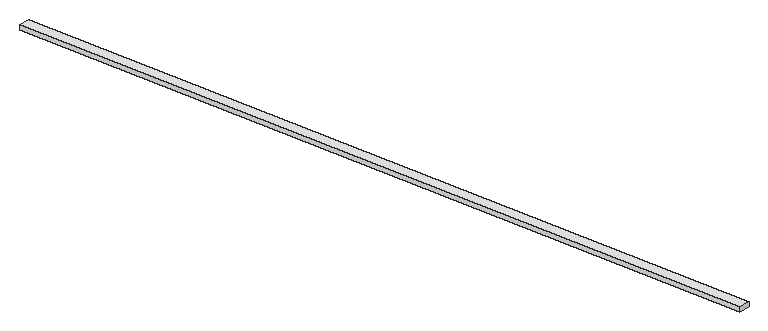
Revit family "Lighting-Linear-Acclaim-Flex One SO Exterior", category Lighting Fixtures, host Face, Revit 2015
Parameters (values of type "Flex One SO Exterior")
  Width = 0' - 0 131/256"
  Voltage = 0 V
  URL = "http://www.acclaimlighting.com/"
  Power Factor = 1
  Number of Poles = 1
  Model = "Flex One SO Exterior"
  Manufacturer = "Acclaim Lighting"
  Length = 3' - 0"
  Lamp = "LED"
  Housing Finish = Aluminum
  Height = 0' - 0 51/256"
  Description = "Linear Graze Lighting"
  Default Elevation = 4' - 0"
  Apparent Load = 0 VA
Reference planes (in)
  plane 1 "Center (Front/Back)": y = 0
  plane 2: z = 0
  plane 3 "Center (Left/Right)": x = 0
  plane 4: x = -18
  plane 5: x = 18
  plane 6: x = -2.86874
  plane 7: x = -2.08749
  plane 8: x = 2.06876
  plane 9: x = 2.85001
  plane 10: z = 0.19922
  plane 11: y = 0.25586
  plane 12: y = -0.25586
Forms (in)
  Extrusion 1, solid, material "Aluminum"
    sketch origin (0, 0, 0) x (1, 0, 0) y (0, 1, 0)
      loop
        line (-18, 0.25586) -> (-18, -0.25586) -> (18, -0.25586) -> (18, 0.25586) -> (-18, 0.25586)
    from 0 to 0.19922
Dimensions and locks (in)
  equal spacing: plane 5, plane 3 "Center (Left/Right)", plane 4
  "Length": plane 5 to plane 4
  equal spacing: plane 11, plane 1 "Center (Front/Back)", plane 12
  "Width": plane 11 to plane 12
  equal spacing: plane 4, plane 3 "Center (Left/Right)", plane 5
  plane 4 to plane 5 = 3' - 0"
  "Height": plane 10 to host face
  aligned and locked: plane 2 to host face
  aligned and locked: level to host face
  aligned and locked: plane 5 to Extrusion 1
  aligned and locked: Extrusion 1 to plane 4
  aligned and locked: plane 10 to Extrusion 1
Automatic sketch dimensions
  host sketch curve to host sketch curve = 8' - 0"  (x2)
  plane 12 to Extrusion 1 sketch curve = 0' - 0"
  plane 11 to Extrusion 1 sketch curve = 0' - 0"
  Extrusion 1 sketch curve to plane 6 = 1' - 3.13126"
  plane 9 to Extrusion 1 sketch curve = 1' - 3.14999"
